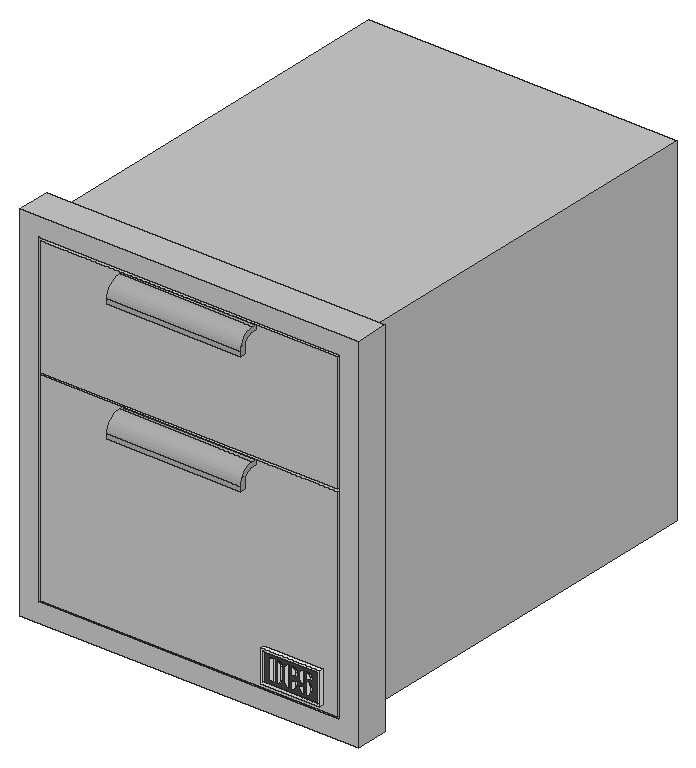
Revit family "DCS_Revit_18_TDD1-20_Storage_593517A", category Specialty Equipment, Revit 2018
Family settings
  Round Connector Dimension = Use Diameter
  Part Type = Normal
  OmniClass Number = 23.40.40.14.17.21
  OmniClass Title = Grills
  Work Plane-Based = No
  Always vertical = Yes
  Cut with Voids When Loaded = Yes
  Shared = No
  Room Calculation Point = No
Parameters (values of type "TDD1-20")
  Visibility - Clearance Required = yes
  URL = "www.dcsappliances.com"
  Product - Width = 516 mm  # constant formula
  Product - Height = 556 mm  # constant formula
  Product - Depth = 666 mm  # constant formula
  Model = "TDD1-20"
  Material - Handle = DCS - Aluminium
  Material - Body = DCS - Stainless Steel
  Manufacturer = "Fisher & Paykel"
  Keynote = ""
  Description = "Access Drawers Built-in"
  Chassis - Width = 469 mm  # constant formula
  Chassis - Height = 520 mm  # constant formula
  Chassis - Depth = 585 mm  # constant formula
  Cavity - Width = 480 mm  # constant formula
  Cavity - Height = 525 mm  # constant formula
  Cavity - Depth = 587 mm  # constant formula
Reference planes
  plane 1 "Center (Front/Back)": y = 0
  plane 2: z = 0
  plane 3 "Center (Left/Right)": x = 0
  plane 4 "Cavity - Height": z = 525
  plane 5 "Product LHS": x = -258
  plane 6 "Product RHS": x = 258
  plane 7 "Product - Depth": y = 585
  plane 8 "Cavity LHS": x = -240
  plane 9 "Cavity RHS": x = 240
  plane 10 "Cavity - Depth": y = 587
  plane 11 "Chassis LHS": x = -234.5
  plane 12 "Chassis RHS": x = 234.5
  plane 13 "Product - Height": z = 533
  plane 14 "Chassis - Height": z = 520
  plane 15 "Product - Lower": z = -23
  plane 16 "Handle": y = -81
Forms (mm)
  Extrusion 1, solid, material "DCS - Stainless Steel" <- "Material - Body"
    sketch origin (0, 0, 0) x (1, 0, 0) y (0, 0, 1)
      loop
        line (-258, 533) -> (-258, -23) -> (258, -23) -> (258, 533) -> (-258, 533)
      loop
        line (229.4, 5.6) -> (229.4, 504.4) -> (-229.4, 504.4) -> (-229.4, 5.6) -> (229.4, 5.6)
      loop
        line (-226.2, 8.8) -> (226.2, 8.8) -> (226.2, 317) -> (-226.2, 317) -> (-226.2, 8.8)
      loop
        line (-226.2, 320.2) -> (226.2, 320.2) -> (226.2, 501.2) -> (-226.2, 501.2) -> (-226.2, 320.2)
    from 0 to 51
  Extrusion 2, solid, material "DCS - Stainless Steel" <- "Material - Body"
    sketch origin (0, 0, 0) x (1, 0, 0) y (0, 0, 1)
      loop
        line (-234.5, 520) -> (-234.5, 0) -> (234.5, 0) -> (234.5, 520) -> (-234.5, 520)
    from -585 to 0
  Extrusion 3, solid, material "DCS - Aluminium" <- "Material - Handle"
    sketch origin (0, 0, 0) x (0, 1, 0) y (0, 0, 1)
      loop
        arc (-56.894, 501.123) -> (-73.941, 494.477) -> (-81.06, 477.623) r 23.509
        line (-81.06, 477.623) -> (-81.06, 470.943) -> (-72.17, 470.943) -> (-72.17, 485.313)
        arc (-72.17, 485.313) -> (-66.093, 491.757) -> (-57.56, 494.133) r 16.51
        line (-57.56, 494.133) -> (-51, 494.133) -> (-51, 501.123) -> (-56.894, 501.123)
      loop
        arc (-56.894, 316.863) -> (-73.941, 310.217) -> (-81.06, 293.363) r 23.509
        line (-81.06, 293.363) -> (-81.06, 286.683) -> (-72.17, 286.683) -> (-72.17, 301.053)
        arc (-72.17, 301.053) -> (-66.093, 307.497) -> (-57.56, 309.873) r 16.51
        line (-57.56, 309.873) -> (-51, 309.873) -> (-51, 316.863) -> (-56.894, 316.863)
    from -102 to 102
  Extrusion 4, solid, material "DCS - Clearance Required", visible <- "Visibility - Clearance Required", detail levels coarse
    sketch origin (0, 0, 0) x (0, 1, 0) y (0, 0, 1)
      loop
        line (0, 0) -> (587, 0) -> (587, 525) -> (0, 525) -> (0, 0)
    from -240 to 240
  Extrusion 5, void
    sketch origin (0, 0, 0) x (0, 1, 0) y (0, 0, 1)
      loop
        line (0, 0) -> (587, 0) -> (587, 525) -> (0, 525) -> (0, 0)
    from -240 to 240
  Extrusion 6, solid, material "DCS - Clearance Required", visible <- "Visibility - Clearance Required", detail levels coarse
    sketch origin (0, 0, 0) x (0, 1, 0) y (0, 0, 1)
      loop
        arc (-499.394, 501.123) -> (-514.233, 494.251) -> (-521, 479.365) r 23.509
        line (-521, 479.365) -> (-521, 471.006) -> (-491, 471.006) -> (-491, 316.983) -> (-499.394, 316.983)
        arc (-499.394, 316.983) -> (-514.233, 310.111) -> (-521, 295.225) r 23.509
        line (-521, 295.225) -> (-521, 286.866) -> (-491, 286.866) -> (-491, 8.8) -> (-51, 8.8) -> (-51, 501.123) -> (-491, 501.123) -> (-499.394, 501.123)
    from -226.2 to 226.2
Text (mm)
  text "Due to ongoing product development, product details are subject to change without notice. \nPlease always refer to www.fisherpaykel.com for the most current product information. \n© Fisher & Paykel Appliances Ltd 2020" at (40.13, -602.118, 0), in view "Ref. Level (Plan)"
Dimensions and locks
  equal spacing: plane 5 "Product LHS", plane 3 "Center (Left/Right)", plane 6 "Product RHS"
  "Product - Width": plane 5 "Product LHS" to plane 6 "Product RHS"
  equal spacing: plane 8 "Cavity LHS", plane 3 "Center (Left/Right)", plane 9 "Cavity RHS"
  "Cavity - Width": plane 8 "Cavity LHS" to plane 9 "Cavity RHS"
  "Cavity - Depth": plane 10 "Cavity - Depth" to plane 1 "Center (Front/Back)"
  "Cavity - Height": plane 4 "Cavity - Height" to level
  equal spacing: plane 11 "Chassis LHS", plane 3 "Center (Left/Right)", plane 12 "Chassis RHS"
  "Chassis - Width": plane 11 "Chassis LHS" to plane 12 "Chassis RHS"
  "Chassis - Height": plane 14 "Chassis - Height" to level
  locked: level to plane 15 "Product - Lower" at 23
  "Product - Height": plane 15 "Product - Lower" to plane 13 "Product - Height"
  plane 5 "Product LHS" to plane 6 "Product RHS" = 516 mm
  "Chassis - Depth": plane 7 "Product - Depth" to plane 1 "Center (Front/Back)"
  "Product - Depth": plane 7 "Product - Depth" to plane 16 "Handle"
  aligned and locked: level to plane 2
  aligned and locked: plane 12 "Chassis RHS" to Extrusion 2 sketch curve
  aligned and locked: level to Extrusion 2 sketch curve
  aligned and locked: Extrusion 2 sketch curve to plane 11 "Chassis LHS"
  aligned and locked: Extrusion 2 sketch curve to plane 14 "Chassis - Height"
  aligned and locked: plane 1 "Center (Front/Back)" to Extrusion 2
  aligned and locked: plane 7 "Product - Depth" to Extrusion 2
  aligned and locked: Extrusion 4 to plane 9 "Cavity RHS"
  aligned and locked: plane 8 "Cavity LHS" to Extrusion 4
  aligned and locked: plane 10 "Cavity - Depth" to Extrusion 4
  aligned and locked: plane 8 "Cavity LHS" to Extrusion 5
  aligned and locked: Extrusion 5 to plane 9 "Cavity RHS"
  aligned and locked: plane 10 "Cavity - Depth" to Extrusion 5
Automatic sketch dimensions
  Extrusion 4 sketch curve to plane 1 "Center (Front/Back)" = 0 mm
  Extrusion 4 sketch curve to plane 4 "Cavity - Height" = 0 mm
  Extrusion 4 sketch curve to plane 10 "Cavity - Depth" = 0 mm
  Extrusion 4 sketch curve to level = 0 mm
  Extrusion 5 sketch curve to plane 1 "Center (Front/Back)" = 0 mm
  Extrusion 5 sketch curve to plane 4 "Cavity - Height" = 0 mm
  Extrusion 5 sketch curve to plane 10 "Cavity - Depth" = 0 mm
  Extrusion 5 sketch curve to level = 0 mm
  Extrusion 3 sketch curve to Extrusion 3 sketch curve = 14.61 mm  (x2)
  Extrusion 3 sketch curve to Extrusion 3 sketch curve = 0.009 mm  (x2)
  Extrusion 3 sketch curve to Extrusion 3 sketch curve = 0.666 mm  (x2)
  Extrusion 3 sketch curve to Extrusion 3 sketch curve = 6.56 mm
  Extrusion 3 sketch curve to Extrusion 3 sketch curve = 5.894 mm
  level to Extrusion 3 sketch curve = 286.683 mm
  Extrusion 3 sketch curve to Extrusion 3 sketch curve = 6.681 mm  (x2)
  Extrusion 3 sketch curve to Extrusion 3 sketch curve = 0 mm  (x2)
  Extrusion 3 sketch curve to Extrusion 3 sketch curve = 7.689 mm  (x2)
  Extrusion 3 sketch curve to Extrusion 3 sketch curve = 154.08 mm
  plane 5 "Product LHS" to Extrusion 1 sketch curve = 0 mm
  plane 6 "Product RHS" to Extrusion 1 sketch curve = 0 mm
  Extrusion 1 sketch curve to plane 15 "Product - Lower" = 0 mm
  Extrusion 1 sketch curve to plane 13 "Product - Height" = 0 mm
  Extrusion 1 sketch curve to plane 11 "Chassis LHS" = 5.1 mm
  Extrusion 1 sketch curve to plane 11 "Chassis LHS" = 8.3 mm
  Extrusion 1 sketch curve to Extrusion 1 sketch curve = 3.2 mm  (x5)
  plane 12 "Chassis RHS" to Extrusion 1 sketch curve = 8.3 mm  (x2)
  level to Extrusion 1 sketch curve = 5.6 mm
  Extrusion 1 sketch curve to plane 14 "Chassis - Height" = 203 mm
  Extrusion 1 sketch curve to plane 14 "Chassis - Height" = 18.8 mm
  plane 1 "Center (Front/Back)" to Extrusion 3 sketch curve = 81.06 mm  (x2)
  Extrusion 3 sketch curve to Extrusion 3 sketch curve = 8.89 mm  (x2)
  Extrusion 6 sketch curve to plane 16 "Handle" = 440 mm
  Extrusion 6 sketch curve to plane 14 "Chassis - Height" = 40.635 mm
  Extrusion 6 sketch curve to Extrusion 6 sketch curve = 0 mm
  Extrusion 6 sketch curve to Extrusion 6 sketch curve = 21.606 mm  (x2)
  Extrusion 6 sketch curve to plane 14 "Chassis - Height" = 18.877 mm
  Extrusion 6 sketch curve to Extrusion 6 sketch curve = 23.449 mm
  Extrusion 6 sketch curve to Extrusion 6 sketch curve = 1.843 mm
  Extrusion 6 sketch curve to Extrusion 6 sketch curve = 8.394 mm  (x2)
  Extrusion 6 sketch curve to Extrusion 6 sketch curve = 6.551 mm
  plane 16 "Handle" to Extrusion 6 sketch curve = 30 mm
  Extrusion 6 sketch curve to Extrusion 6 sketch curve = 6.681 mm
  Extrusion 6 sketch curve to Extrusion 6 sketch curve = 154.023 mm
  Extrusion 6 sketch curve to Extrusion 6 sketch curve = 21.758 mm
  Extrusion 6 sketch curve to Extrusion 6 sketch curve = 8.359 mm
  level to Extrusion 6 sketch curve = 8.8 mm
Nested families
  nested 1: "DCS Logo New Large" at (159.191, -51, 42.5), type "DCS Logo New Large"
Definition of nested family "DCS Logo New Large"
  Parameters (values of type "DCS Logo New Large")
    URL = "www.dcsappliances.com"
    Product - Width = 89.45 mm
    Product - Height = 49 mm
    Product - Depth = 6 mm
    Material - Logo = none
    Material - Body = none
    Manufacturer = "Fisher & Paykel Appliances"
  Reference planes
    plane 1 "Center (Front/Back)": y = 0
    plane 2: z = 0
    plane 3 "Center (Left/Right)": x = 0
    plane 4 "Product Top": z = 24.5
    plane 5 "Product LHS": x = -44.725
    plane 6 "Product RHS": x = 44.725
    plane 7 "Product - Depth": y = -6
    plane 8 "Product Bottom": z = -24.5
  Forms (mm)
    Extrusion 1, solid, material <- "Material - Logo", detail levels medium+fine
      sketch origin (0, 0, -0.347) x (1, 0, 0) y (0, 0, 1)
        loop
          line (-44.725, 24.847) -> (-44.725, -24.153) -> (44.725, -24.153) -> (44.725, 24.847) -> (-44.725, 24.847)
        loop
          line (-41.725, 21.847) -> (-41.725, -21.153) -> (41.725, -21.153) -> (41.725, 21.847) -> (-41.725, 21.847)
      from 0 to 6
    Extrusion 2, solid, material <- "Material - Body", detail levels medium+fine
      sketch origin (0, 0, 0) x (1, 0, 0) y (0, 0, 1)
        loop
          line (-41.725, 21.5) -> (-41.725, -21.5) -> (41.725, -21.5) -> (41.725, 21.5) -> (-41.725, 21.5)
      from 0 to 4.974
    Extrusion 3, solid, material <- "Material - Logo", detail levels fine
      sketch origin (0, 0, 0) x (1, 0, 0) y (0, 0, 1)
        loop
          line (-31.141, 15.364) -> (-31.141, -15.364) -> (-25.323, -15.364) -> (-25.323, 15.364) -> (-31.141, 15.364)
        loop
          arc (-20.07, -15.416) -> (-15.93, -13.415) -> (-14.252, -9.134) r 6.301
          line (-14.252, -9.134) -> (-14.252, 9.134)
          arc (-14.252, 9.134) -> (-15.93, 13.414) -> (-20.07, 15.412) r 6.296
          line (-20.07, 15.412) -> (-20.07, -15.416)
        loop
          arc (-8.445, -9.134) -> (-6.767, -13.414) -> (-2.627, -15.412) r 6.296
          line (-2.627, -15.412) -> (-2.627, 15.416)
          arc (-2.627, 15.416) -> (-6.767, 13.415) -> (-8.445, 9.134) r 6.301
          line (-8.445, 9.134) -> (-8.445, -9.134)
        loop
          arc (2.627, -15.377) -> (6.765, -13.401) -> (8.445, -9.134) r 6.259
          line (8.445, -9.134) -> (8.445, -4.011) -> (2.627, -4.011) -> (2.627, -15.377)
        loop
          arc (8.445, 9.134) -> (6.767, 13.414) -> (2.627, 15.412) r 6.296
          line (2.627, 15.412) -> (2.627, 4.011) -> (8.445, 4.011) -> (8.445, 9.134)
        loop
          line (20.07, -2.527) -> (20.07, 15.375)
          arc (20.07, 15.375) -> (15.932, 13.4) -> (14.252, 9.134) r 6.257
          line (14.252, 9.134) -> (14.252, 4.145)
          arc (14.252, 4.145) -> (16.005, -0.199) -> (20.07, -2.527) r 7.155
        loop
          line (14.252, -6.875) -> (14.252, -9.134)
          arc (14.252, -9.134) -> (15.93, -13.414) -> (20.07, -15.412) r 6.296
          line (20.07, -15.412) -> (20.07, -6.875) -> (14.252, -6.875)
        loop
          line (25.323, 2.499) -> (25.323, -15.378)
          arc (25.323, -15.378) -> (29.461, -13.401) -> (31.141, -9.134) r 6.259
          line (31.141, -9.134) -> (31.141, -4.145)
          arc (31.141, -4.145) -> (29.481, 0.271) -> (25.323, 2.499) r 6.702
        loop
          line (25.323, 6.875) -> (31.141, 6.875) -> (31.141, 9.134)
          arc (31.141, 9.134) -> (29.464, 13.419) -> (25.323, 15.427) r 6.313
          line (25.323, 15.427) -> (25.323, 6.875)
      from 4.974 to 6
  Dimensions and locks
    plane 7 "Product - Depth" to plane 1 "Center (Front/Back)" = 6 mm
    equal spacing: Extrusion 1 sketch curve, plane 3 "Center (Left/Right)", Extrusion 1 sketch curve
    "Product - Depth": plane 7 "Product - Depth" to plane 1 "Center (Front/Back)"
    equal spacing: plane 4 "Product Top", level, plane 8 "Product Bottom"
    "Product - Height": plane 4 "Product Top" to plane 8 "Product Bottom"
    equal spacing: plane 5 "Product LHS", plane 3 "Center (Left/Right)", plane 6 "Product RHS"
    "Product - Width": plane 5 "Product LHS" to plane 6 "Product RHS"
    aligned and locked: level to plane 2
    aligned and locked: Extrusion 1 to plane 7 "Product - Depth"
    aligned and locked: Extrusion 3 to plane 7 "Product - Depth"
    aligned and locked: plane 6 "Product RHS" to Extrusion 1 sketch curve
    aligned and locked: Extrusion 1 sketch curve to plane 4 "Product Top"
    aligned and locked: plane 8 "Product Bottom" to Extrusion 1 sketch curve
    aligned and locked: Extrusion 1 sketch curve to plane 5 "Product LHS"
    aligned and locked: Extrusion 2 sketch curve to Extrusion 1  (x4)
  Automatic sketch dimensions
    Extrusion 3 sketch curve to plane 5 "Product LHS" = 13.584 mm
    Extrusion 3 sketch curve to Extrusion 3 sketch curve = 5.818 mm  (x5)
    Extrusion 3 sketch curve to Extrusion 3 sketch curve = 4.771 mm
    Extrusion 3 sketch curve to Extrusion 3 sketch curve = 4.775 mm
    Extrusion 3 sketch curve to Extrusion 3 sketch curve = 6.296 mm
    Extrusion 3 sketch curve to Extrusion 3 sketch curve = 5.807 mm  (x3)
    Extrusion 3 sketch curve to plane 3 "Center (Left/Right)" = 2.627 mm
    Extrusion 3 sketch curve to plane 3 "Center (Left/Right)" = 2.149 mm
    Extrusion 3 sketch curve to plane 3 "Center (Left/Right)" = 2.144 mm
    plane 3 "Center (Left/Right)" to Extrusion 3 sketch curve = 2.148 mm
    plane 3 "Center (Left/Right)" to Extrusion 3 sketch curve = 2.186 mm
    plane 3 "Center (Left/Right)" to Extrusion 3 sketch curve = 2.627 mm  (x2)
    Extrusion 3 sketch curve to level = 2.527 mm
    Extrusion 3 sketch curve to Extrusion 3 sketch curve = 0 mm  (x3)
    Extrusion 3 sketch curve to Extrusion 3 sketch curve = 0.439 mm
    Extrusion 3 sketch curve to Extrusion 3 sketch curve = 0.478 mm
    level to Extrusion 3 sketch curve = 4.504 mm
    Extrusion 3 sketch curve to Extrusion 3 sketch curve = 0.889 mm
    Extrusion 3 sketch curve to Extrusion 3 sketch curve = 4.369 mm
    Extrusion 3 sketch curve to Extrusion 3 sketch curve = 4.32 mm
    Extrusion 3 sketch curve to Extrusion 3 sketch curve = 4.334 mm
    Extrusion 3 sketch curve to Extrusion 3 sketch curve = 5.254 mm  (x3)
    Extrusion 3 sketch curve to Extrusion 3 sketch curve = 6.702 mm
    Extrusion 3 sketch curve to level = 4.011 mm
    Extrusion 3 sketch curve to level = 4.145 mm
    Extrusion 3 sketch curve to Extrusion 3 sketch curve = 2.865 mm
    Extrusion 3 sketch curve to Extrusion 3 sketch curve = 4.989 mm
    Extrusion 3 sketch curve to Extrusion 3 sketch curve = 5.123 mm  (x2)
    Extrusion 3 sketch curve to Extrusion 3 sketch curve = 2.259 mm  (x2)
    Extrusion 3 sketch curve to level = 9.134 mm
    Extrusion 3 sketch curve to Extrusion 3 sketch curve = 6.23 mm  (x2)
    level to Extrusion 3 sketch curve = 4.011 mm
    level to Extrusion 3 sketch curve = 6.875 mm
    level to Extrusion 3 sketch curve = 9.134 mm
    Extrusion 3 sketch curve to Extrusion 3 sketch curve = 4.63 mm
    Extrusion 1 sketch curve to plane 5 "Product LHS" = 3 mm
    Extrusion 1 sketch curve to plane 4 "Product Top" = 3 mm
    plane 8 "Product Bottom" to Extrusion 1 sketch curve = 3 mm
